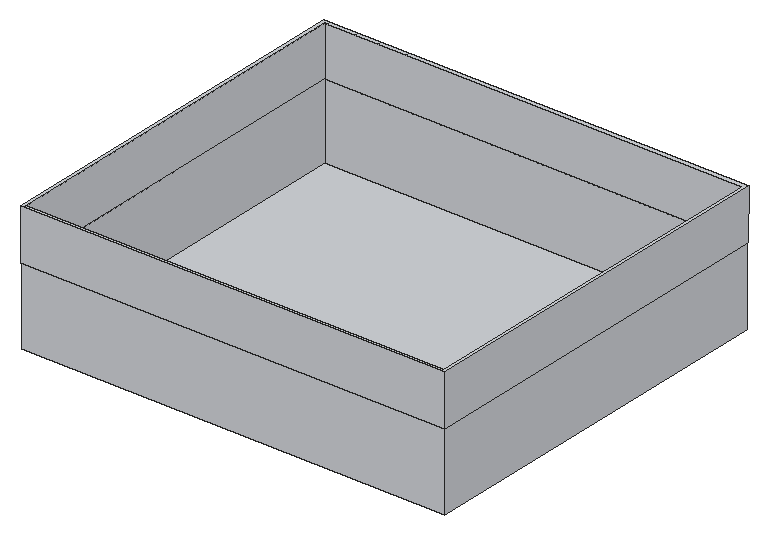
Revit family "Hager-Vega_D-IP30-vacío-ES-es", category Electrical Equipment, host Face, Revit 2020
Family settings
  Host = Face
  Panel Configuration = Two Columns, Circuits Across
  Round Connector Dimension = Use Diameter
  Part Type = Panelboard
  Cut with Voids When Loaded = No
  Shared = No
  Room Calculation Point = No
Parameters (values of type "Montado empotrado IP30 A600 A537 P182 24 unidad de división - FU22AN")
  Width Control [instance] = if([HG000006 - Empotrado], if([EF000846 - Anchura de instalación] > min_whd, [EF000846 - Anchura de instalación], min_whd), if([EF000008 - Anchura] > min_whd, ([EF000008 - Anchura]), min_whd))  # 600 mm
  Void Depth [instance] = if([HG000006 - Empotrado], Depth Control, 1 mm)  # 110 mm
  Type Comments = [HG000003 - Gama]  # "Vega D"
  System Height [instance] = Height Control - 2 * [HG000005 - Grosor]  # 531 mm
  Model = [HG000004 - Referencia del fabricante]  # "FU22AN"
  HG000017 - Distancia entre polos = 18 mm
  HG000016 - Visibilidad de la puerta 3D [instance] = yes
  HG000015 - Visibilidad a través de la puerta [instance] = no
  HG000014 - Puerta a la derecha [instance] = yes
  HG000013 - Puerta a la izquierda [instance] = not([HG000014 - Puerta a la derecha])  # no
  HG000012 - Ángulo de giro de la puerta [instance] = 45.00°
  HG000011 - Filas vacías desde abajo = no
  HG000010 - Puertas asimétricas = no
  HG000009 - Puerta batiente doble = no
  HG000008 - Número de filas vacías = 0
  HG000007 - Número de columnas vacías = 0
  HG000006 - Empotrado = yes
  HG000005 - Grosor = 3 mm  # constant formula
  HG000004 - Referencia del fabricante = "FU22AN"
  HG000003 - Gama = "Vega D"
  HG000002 - Con puerta o tapa = no
  HG000001 - Número de columnas = 0
  EF015941 - Puerta de transmisión de señal = no
  EF015777 - Borne neutro = no
  EF015776 - Borne de tierra = no
  EF009212 - Versión de la cubierta = "EV009916 - Con muesca"
  EF006306 - Con cierre = no
  EF006244 - Tapa/puerta transparente = no
  EF005474 - Grado de protección (IP) = "EV006410 - IP30"
  EF004462 - Tipo de cierre = ""
  EF002950 - Anchura de unidades de división = 24
  EF001596 - Material de la carcasa = "EV000154 - Otros"
  EF001134 - Carril DIN = yes
  EF001131 - Profundidad interna = 110 mm
  EF001088 - Posibilidad de extensión = yes
  EF001062 - Versión de EMC = no
  EF000846 - Anchura de instalación = 600 mm
  EF000339 - Tipo de cubierta = "EV000494 - Ninguno"
  EF000332 - Altura de la instalación = 537 mm
  EF000266 - Número de filas = 0
  EF000218 - Profundidad de instalación = 110 mm
  EF000118 - Con placa de montaje = no
  EF000116 - Número RAL = "9010"
  EF000049 - Profundidad = 182 mm
  EF000040 - Altura = 537 mm
  EF000008 - Anchura = 600 mm
  EF000007 - Color = "EV000202 - Blanco"
  EF000003 - Tipo de montaje = "EV000383 - Montado empotrado (escayola)"
  Arrow Offset [instance] = Depth Control / 8  # 13.75 mm
  Arrow Height [instance] = Depth Control - Arrow Offset  # 96.25 mm
  Host Offset [instance] = if([HG000006 - Empotrado], 0 mm, [EF000049 - Profundidad])  # 0 mm
  min_whd [instance] = (2 * [HG000005 - Grosor]) + 1 mm  # 7 mm
  Manufacturer = "Hager"  # constant formula
  Height Control [instance] = if([HG000006 - Empotrado], if([EF000332 - Altura de la instalación] > min_whd, [EF000332 - Altura de la instalación], min_whd), if([EF000040 - Altura] > min_whd, ([EF000040 - Altura]), min_whd))  # 537 mm
  Flush Mounted - Door Frame Width [instance] = if(([EF000040 - Altura] - [EF000332 - Altura de la instalación]) > 0 mm, if([HG000006 - Empotrado], [EF000040 - Altura] - [EF000332 - Altura de la instalación], 0 mm), 0 mm)  # 0 mm
  Depth Control [instance] = if([HG000006 - Empotrado], if([EF000218 - Profundidad de instalación] > 0 mm, [EF000218 - Profundidad de instalación], 1 mm), if([EF000049 - Profundidad] > 0 mm, ([EF000049 - Profundidad]), 1 mm))  # 110 mm
  Default Elevation = 0 mm
Reference planes
  plane 1 "Center (Front/Back)": y = 0
  plane 2: z = 0
  plane 3 "Center (Left/Right)": x = 0
  plane 4: z = 0
  plane 5: y = 3
  plane 6: z = -5
  plane 7: y = 268.5
  plane 8: y = 0
  plane 9: y = 537
  plane 10: z = -110
  plane 11: x = -300
  plane 12: x = 300
  plane 13: x = 297
  plane 14: x = -297
  plane 15: y = 534
  plane 16: z = -107
  plane 17: z = -3
  plane 18: z = -110
  plane 19: z = -3
Forms (mm)
  Extrusion 1, solid
    sketch origin (-583.045, 0, 1219.2) x (-1, 0, 0) y (0, 0, 1)
      loop
        line (-283.045, -1219.2) -> (-883.045, -1219.2) -> (-883.045, -1329.2) -> (-283.045, -1329.2) -> (-283.045, -1219.2)
    from 0 to 537 <- "Height Control"
  Extrusion 2, void
    sketch origin (-381.607, -4572, 0) x (0, -1, 0) y (-1, 0, 0)
      loop
        line (-5106, -84.607) -> (-5106, -678.607) -> (-4575, -678.607) -> (-4575, -84.607) -> (-5106, -84.607)
    from 0 to 107
  Extrusion 3, void
    sketch origin (0, 0, 0) x (1, 0, 0) y (0, 1, 0)
      loop
        line (-300, 0) -> (300, 0) -> (300, 537) -> (-300, 537) -> (-300, 0)
    from -110 to 1
  Extrusion 4, solid, detail levels coarse+medium
    sketch origin (-381.607, -4572, 0) x (-1, 0, 0) y (0, -1, 0)
      loop
        line (-84.607, -5106) -> (-84.607, -4575) -> (-678.607, -4575) -> (-678.607, -5106) -> (-84.607, -5106)
    from 0 to -3
Cuts and joins
  Extrusion 2 cuts Extrusion 1
Dimensions and locks
  plane 4 to plane 6 = 5 mm
  "Host Offset": plane 4 to host face
  "Flush Mounted - Door Frame Width": plane 1 "Center (Front/Back)" to plane 8
  "HG000005 - Grosor": plane 5 to plane 8
  locked: connector elem to plane 3 "Center (Left/Right)"
  "Height Control": plane 9 to plane 8
  equal spacing: plane 9, plane 7, plane 8
  locked: connector elem to plane 7
  "Depth Control": plane 4 to plane 10
  "HG000005 - Grosor": plane 11 to plane 14
  "HG000005 - Grosor": plane 12 to plane 13
  equal spacing: plane 11, plane 3 "Center (Left/Right)", plane 12
  "Width Control": plane 11 to plane 12
  "Arrow Offset": nested 4 to plane 10
  "HG000005 - Grosor": plane 9 to plane 15
  "HG000005 - Grosor": plane 16 to plane 10
  "HG000005 - Grosor": plane 4 to plane 17
  "Void Depth": plane 2 to plane 18
  "HG000005 - Grosor": plane 4 to plane 19
  aligned and locked: plane 2 to host face
  aligned and locked: level to host face
  aligned and locked: plane 3 "Center (Left/Right)" to nested 2
  aligned and locked: nested 2 to plane 4
  aligned and locked: nested 2 to plane 8
  aligned and locked: nested 1 to plane 6
  aligned and locked: nested 1 to plane 5
  aligned and locked: nested 4 to plane 11
  aligned and locked: nested 3 to plane 4
  aligned and locked: Extrusion 1 sketch curve to plane 12
  aligned and locked: Extrusion 1 sketch curve to plane 11
  aligned and locked: nested 3 to plane 10
  aligned and locked: plane 10 to Extrusion 1 sketch curve
  aligned and locked: Extrusion 2 sketch curve to plane 5
  aligned and locked: Extrusion 2 sketch curve to plane 15
  aligned and locked: Extrusion 2 sketch curve to plane 14
  aligned and locked: Extrusion 2 sketch curve to plane 13
  aligned and locked: plane 11 to Extrusion 3 sketch curve
  aligned and locked: plane 9 to Extrusion 3 sketch curve
  aligned and locked: Extrusion 3 sketch curve to plane 8
  aligned and locked: plane 12 to Extrusion 3 sketch curve
  aligned and locked: nested 3 to plane 12
  aligned and locked: Extrusion 3 to plane 18
  aligned and locked: Extrusion 2 to plane 16
  aligned and locked: Extrusion 1 sketch curve to plane 4
  aligned and locked: Extrusion 4 to plane 17
  aligned and locked: Extrusion 4 sketch curve to plane 15
  aligned and locked: Extrusion 4 sketch curve to plane 13
  aligned and locked: Extrusion 4 sketch curve to plane 14
  aligned and locked: Extrusion 4 sketch curve to plane 5
Automatic sketch dimensions
  host sketch curve to host sketch curve = 1469.727 mm
  host sketch curve to host sketch curve = 1434.803 mm
Nested families
  nested 1: "Hager_Enclosure_System" at (0, 3, -5) x (1, 0, 0) z (0, 1, 0), Depth <- "HG000005 - Grosor", Height <- "System Height", Width <- "EF000008 - Anchura", Border <- "HG000005 - Grosor", Flush_Mounted <- "HG000006 - Empotrado", Built-in_Width <- "EF000846 - Anchura de instalación", Row_Module_Multiplicator <- "EF002950 - Anchura de unidades de división", Total_No_Empty_Rows <- "HG000008 - Número de filas vacías", Total_No_Rows <- "EF000266 - Número de filas", Empty_Columns <- "HG000007 - Número de columnas vacías", Width_Control <- "Width Control", Empty_Rows_From_Bottom <- "HG000011 - Filas vacías desde abajo", Distance_Between_Poles <- "HG000017 - Distancia entre polos", Rows_Count <- "EF000266 - Número de filas", Columns_Count <- "HG000001 - Número de columnas", type "Hager_Enclosure_System", detail levels fine
    with Width_Control 600 mm, Width 600 mm, Total_No_Rows 0, Total_No_Empty_Rows 0, Total_No_Columns 1, System_Width 594 mm, Rows_Count 0, Rows_Column 0, Row_Module_Multiplicator 24, Panel_4 no, Panel_3 no, Panel_2 no, Panel_1 no, No_Panels_Ctrl 1, Hide_Columns yes, Height 531 mm, Flush_Mounted yes, Empty_Rows_From_Bottom no, Empty_Rows_Column 0, Empty_Columns 0, Distance_Between_Poles 18 mm, Depth 3 mm, Columns_Count 0, Column_Width 594 mm, Built-in_Width 600 mm, Border 3 mm
  nested 2: "Hager_Enclosure_Door" at (0, 0, 0) x (1, 0, 0) z (0, 1, 0), Border <- "HG000005 - Grosor", Door_Right <- "HG000014 - Puerta a la derecha", Flush_Mounted <- "HG000006 - Empotrado", Depth <- "EF000049 - Profundidad", Width <- "EF000008 - Anchura", Door_Left <- "HG000013 - Puerta a la izquierda", 3d_Door <- "HG000016 - Visibilidad de la puerta 3D", BuiltIn_Width <- "EF000846 - Anchura de instalación", BuiltIn_Height <- "EF000332 - Altura de la instalación", BuiltIn_Depth <- "EF000218 - Profundidad de instalación", Angle <- "HG000012 - Ángulo de giro de la puerta", Assymetrical <- "HG000010 - Puertas asimétricas", Double <- "HG000009 - Puerta batiente doble", Clearance <- "HG000015 - Visibilidad a través de la puerta", Transparent <- "EF006244 - Tapa/puerta transparente", Door <- "HG000002 - Con puerta o tapa", Height_Ctrl <- "Height Control", Width_Ctrl <- "Width Control", Height <- "EF000040 - Altura", type "Hager_Enclosure_Door", detail levels medium+fine
    with min_wh 7 mm, Width_Ctrl 600 mm, Width 600 mm, Transparent_Door_No_Bottom_Border no, Transparent no, Leaf_Width 591 mm, Leaf_Tolerance 1.5 mm, Leaf_Height 528 mm, Leaf_2_Width 591 mm, Leaf_2_Offset 295.5 mm, Leaf_1_Width 591 mm, Leaf_1_Offset 295.5 mm, Height_Ctrl 537 mm, Height 537 mm, Frame_Width_Ctrl 1 mm, Frame_Width 0 mm, Frame_Internal_Offset 3 mm, Frame_Height_Ctrl 1 mm, Frame_Height 0 mm, Frame_Depth_Ctrl 72 mm, Frame_Depth 72 mm, Flush_Mounted yes, Double_Clearance_Ctrl no, Double no, Door_Right_Ctrl no, Door_Right yes, Door_Left_Ctrl no, Door_Left no, Door no, Depth 182 mm, Clearance_Depth 591 mm, Clearance_Ctrl no, Clearance no, BuiltIn_Width 600 mm, BuiltIn_Height 537 mm, BuiltIn_Depth 110 mm, Border 3 mm, Assymetrical no, Angle 45.00°, 3d_Door yes
  nested 3: "Hager_Enclosure_Symbol_Triangle" at (-300, 0, -110) x (1, 0, 0) z (0, -1, 0), Depth <- "Depth Control", Width <- "Width Control", type "Hager_Enclosure_Symbol_Triangle"
    with Width_Ctrl 600 mm, Width 600 mm, Depth_Ctrl 110 mm, Depth 110 mm
  nested 4: "Hager_Enclosure_Symbol_Arrow" at (-300, 0, -96.25) x (1, 0, 0) z (0, -1, 0), Height <- "Arrow Height", type "Hager_Enclosure_Symbol_Arrow"
    with Width_Inside 7.219 mm, Width 86.625 mm, Height_Ctrl 96.25 mm, Height 96.25 mm
Connectors
  electrical at (0, 268.5, -110)
    settings: on plane 10, index 1, voltage 0 V, apparent load 0 VA, apparent load phase1 0 VA, apparent load phase2 0 VA, apparent load phase3 0 VA, power factor 1, load classification "Other", number of poles 1, system type 30, power factor state 1, is connector primary yes, connector utility no, sub classification motor no, connector description ""
Definition of nested family "Hager_Enclosure_Door"
  Parameters (values of type "Hager_Enclosure_Door")
    min_wh [instance] = (2 * Border) + 1 mm  # 11 mm
    Width_Ctrl [instance] = 400 mm
    Width [instance] = 500 mm
    Transparent_Door_No_Bottom_Border [instance] = no
    Transparent [instance] = yes
    Leaf_Width [instance] = if((Width_Ctrl - 2 * Border - 2 * Leaf_Tolerance) > 0 mm, (Width_Ctrl - 2 * Border - 2 * Leaf_Tolerance), min_wh)  # 387 mm
    Leaf_Tolerance [instance] = 1.5 mm  # constant formula
    Leaf_Height [instance] = if((Height_Ctrl - 2 * Border - 2 * Leaf_Tolerance) > 0 mm, (Height_Ctrl - 2 * Border - 2 * Leaf_Tolerance), min_wh)  # 387 mm
    Leaf_2_Width [instance] = if(and(and(Double, Assymetrical), Door_Left), (Leaf_Width / 3) - (Leaf_Tolerance / 2), if(and(and(Double, Assymetrical), Door_Right), (Leaf_Width / 3) * 2 - (Leaf_Tolerance / 2), if(and(Double, not(Assymetrical)), (Leaf_Width / 2) - Leaf_Tolerance, Leaf_Width)))  # 387 mm
    Leaf_2_Offset [instance] = if(and(Double, Assymetrical), Leaf_2_Width / 2, if(and(Double, not(Assymetrical)), Leaf_Width / 4, Leaf_Width / 2))  # 193.5 mm
    Leaf_1_Width [instance] = if(and(and(Double, Assymetrical), Door_Right), (Leaf_Width / 3) - (Leaf_Tolerance / 2), if(and(and(Double, Assymetrical), Door_Left), (Width / 3) * 2 - (Leaf_Tolerance / 2), if(and(Double, not(Assymetrical)), (Leaf_Width / 2) - Leaf_Tolerance, Leaf_Width)))  # 387 mm
    Leaf_1_Offset [instance] = if(and(Double, Assymetrical), Leaf_1_Width / 2, if(and(Double, not(Assymetrical)), Leaf_Width / 4, Leaf_Width / 2))  # 193.5 mm
    Height_Ctrl [instance] = 400 mm
    Height [instance] = 500 mm
    Frame_Width_Ctrl [instance] = if(Frame_Width > 0 mm, Frame_Width, 1 mm)  # 1 mm
    Frame_Width [instance] = Width - BuiltIn_Width  # 0 mm
    Frame_Internal_Offset [instance] = if(Flush_Mounted, Border, 0 mm)  # 5 mm
    Frame_Height_Ctrl [instance] = if(Frame_Height > 0 mm, Frame_Height, 1 mm)  # 1 mm
    Frame_Height [instance] = Height - BuiltIn_Height  # 0 mm
    Frame_Depth_Ctrl [instance] = if(Frame_Depth > 0 mm, Frame_Depth, 1 mm)  # 1 mm
    Frame_Depth [instance] = if(Depth - BuiltIn_Depth > 0 mm, if(Flush_Mounted, Depth - BuiltIn_Depth, 0 mm), 0 mm)  # 0 mm
    Flush_Mounted [instance] = yes
    Double_Clearance_Ctrl [instance] = and(Double, Clearance)  # no
    Double [instance] = no
    Door_Right_Ctrl [instance] = and(or(Door_Right, Double), Door)  # yes
    Door_Right [instance] = yes
    Door_Left_Ctrl [instance] = and(or(Door_Left, Double), Door)  # no
    Door_Left [instance] = no
    Door [instance] = yes
    Depth [instance] = 500 mm
    Default Elevation = 1219.2 mm
    Clearance_Material = none
    Clearance_Depth [instance] = if(Leaf_1_Width > Leaf_2_Width, Leaf_1_Width, Leaf_2_Width)  # 387 mm
    Clearance_Ctrl [instance] = and(not(Double), Clearance)  # yes
    Clearance [instance] = yes
    BuiltIn_Width [instance] = 500 mm
    BuiltIn_Height [instance] = 500 mm
    BuiltIn_Depth [instance] = 500 mm
    Border [instance] = 5 mm
    Assymetrical [instance] = yes
    Angle [instance] = 30.00°
    3d_Door [instance] = yes
  Reference planes
    plane 1 "Center (Front/Back)": y = 0
    plane 2 "Bottom": z = 0
    plane 3 "Center (Left/Right)": x = 0
    plane 4: z = 400
    plane 5: x = -200
    plane 6: x = 200
    plane 7: z = 395
    plane 8: x = -195
    plane 9: z = 5
    plane 10: x = 195
    plane 11: y = 0
    plane 12: z = 6.5
    plane 13: x = -582
    plane 14: y = -387
    plane 15: x = 582
    plane 16: x = 0
    plane 17: x = 0
    plane 18: x = -193.5
    plane 19: x = 193.5
    plane 20: z = 393.5
  Forms (mm)
    Extrusion 1, solid, visible <- "Flush_Mounted"
      sketch origin (0, 0, 0) x (1, 0, 0) y (0, 0, 1)
        loop
          line (195, 5) -> (195, 395) -> (-195, 395) -> (-195, 5) -> (195, 5)
        loop
          line (-201, 401) -> (-201, -1) -> (201, -1) -> (201, 401) -> (-201, 401)
      from 0 to 1 <- "Frame_Depth_Ctrl"
    Extrusion 2, solid, material <- "Clearance_Material", visible <- "Double_Clearance_Ctrl"
      sketch origin (1200, 0, 0) x (1, 0, 0) y (0, 0, -1)
        loop
          line (-1782, -393.5) -> (-618, -393.5) -> (-618, 0) -> (-1782, 0) -> (-1782, -393.5)
      from 0 to -387
  Dimensions and locks
    equal spacing: plane 5, plane 3 "Center (Left/Right)", plane 6
    "Width_Ctrl": plane 5 to plane 6
    "Border": plane 5 to plane 8
    "Border": plane 6 to plane 10
    "Border": plane 9 to level
    "Border": plane 4 to plane 7
    "Height_Ctrl": plane 4 to level
    "Leaf_Tolerance": plane 12 to plane 9
    "Frame_Depth": plane 11 to plane 1 "Center (Front/Back)"
    "Frame_Width_Ctrl": plane 5 to Extrusion 1 sketch curve
    "Frame_Width_Ctrl": plane 6 to Extrusion 1 sketch curve
    "Frame_Width_Ctrl": Extrusion 1 sketch curve to plane 4
    "Frame_Width_Ctrl": plane 2 "Bottom" to Extrusion 1 sketch curve
    "Leaf_1_Offset": plane 18 to plane 16
    "Leaf_2_Offset": plane 17 to plane 19
    "Leaf_1_Width": plane 13 to plane 8
    "Leaf_2_Width": plane 10 to plane 15
    "Clearance_Depth": plane 14 to plane 1 "Center (Front/Back)"
    "Leaf_Tolerance": plane 8 to plane 18
    "Leaf_Tolerance": plane 19 to plane 10
    "Leaf_Tolerance": plane 7 to plane 20
    "Frame_Internal_Offset": plane 5 to Extrusion 1 sketch curve
    "Frame_Internal_Offset": Extrusion 1 sketch curve to plane 2 "Bottom"
    "Frame_Internal_Offset": plane 6 to Extrusion 1 sketch curve
    "Frame_Internal_Offset": plane 4 to Extrusion 1 sketch curve
    aligned and locked: level to plane 2 "Bottom"
    aligned and locked: nested 1 to plane 16
    aligned and locked: nested 2 to plane 17
    aligned and locked: Extrusion 2 to plane 13
    aligned and locked: plane 15 to Extrusion 2
    aligned and locked: Extrusion 2 to plane 14
    aligned and locked: plane 12 to nested 1
    aligned and locked: nested 2 to plane 12
    aligned and locked: Extrusion 2 to plane 11
    aligned and locked: plane 20 to Extrusion 2
    aligned and locked: nested 2 to plane 11
    aligned and locked: nested 1 to plane 11
  Automatic sketch dimensions
    Extrusion 2 sketch curve to level = 0 mm
    plane 5 to Extrusion 2 sketch curve = 382 mm
    plane 6 to Extrusion 2 sketch curve = 382 mm
    Extrusion 2 sketch curve to plane 4 = 6.5 mm
  Nested families
    nested 1: "Hager_Enclosure_Door_Leaf" at (0, 0, 6.5), Width <- "Leaf_1_Width", visible <- "Door_Left_Ctrl", Leaf_Height <- "Leaf_Height", Angle <- "Angle", Depth <- "Border", 3d_Door <- "3d_Door", Transparent <- "Transparent", Clearance Material <- "Clearance_Material", Clearance <- "Clearance_Ctrl", Transparent_Door_No_Bottom_Border <- "Transparent_Door_No_Bottom_Border", type "Hager_Enclosure_Door_Leaf"
      with Width 387 mm, Transparent_Door_No_Bottom_Border no, Transparent_Door_Border_Bottom_Top 25 mm, Transparent_Door_Border 25 mm, Transparent_Ctrl yes, Transparent yes, Standard no, Leaf_Height 387 mm, Glass_Offset 1 mm, Depth 5 mm, Clearance Material none, Clearance yes, Angle_Ctrl 30.00°, Angle 30.00°, 3d_Door yes
    nested 2: "Hager_Enclosure_Door_Leaf" at (0, 0, 6.5) x (-1, 0, 0) z (0, 0, 1), Width <- "Leaf_2_Width", visible <- "Door_Right_Ctrl", Leaf_Height <- "Leaf_Height", Angle <- "Angle", Depth <- "Border", 3d_Door <- "3d_Door", Transparent <- "Transparent", Clearance Material <- "Clearance_Material", Clearance <- "Clearance_Ctrl", Transparent_Door_No_Bottom_Border <- "Transparent_Door_No_Bottom_Border", type "Hager_Enclosure_Door_Leaf"
      with Width 387 mm, Transparent_Door_No_Bottom_Border no, Transparent_Door_Border_Bottom_Top 25 mm, Transparent_Door_Border 25 mm, Transparent_Ctrl yes, Transparent yes, Standard no, Leaf_Height 387 mm, Glass_Offset 1 mm, Depth 5 mm, Clearance Material none, Clearance yes, Angle_Ctrl 30.00°, Angle 30.00°, 3d_Door yes
  Definition of nested family "Hager_Enclosure_Door_Leaf"
    Parameters (values of type "Hager_Enclosure_Door_Leaf")
      Width [instance] = 2000 mm
      Transparent_Door_No_Bottom_Border [instance] = yes
      Transparent_Door_Border_Bottom_Top [instance] = if(Transparent_Door_No_Bottom_Border, 0.1 mm, Transparent_Door_Border)  # 0.1 mm
      Transparent_Door_Border [instance] = if(Transparent_Door_No_Bottom_Border, (Width * 0.12), 25 mm)  # 240 mm
      Transparent_Ctrl [instance] = and(Transparent, [3d_Door])  # yes
      Transparent [instance] = yes
      Standard [instance] = and(not(Transparent), [3d_Door])  # no
      Leaf_Height [instance] = 2720.336 mm
      Glass_Offset [instance] = if((Depth - 10 mm) / 2 > 0 mm, (Depth - 10 mm) / 2, 1 mm)  # 15 mm
      Glass_Material = none
      Depth [instance] = 40 mm
      Default Elevation = 0 mm
      Clearance Material [instance] = none
      Clearance [instance] = yes
      Angle_Ctrl [instance] = if(Angle > 170.00°, 170.00°, Angle)  # 45.00°
      Angle [instance] = 45.00°
      3d_Door [instance] = yes
    Reference planes
      plane 1 "Center (Front/Back)": y = 0
      plane 2: z = 0
      plane 3 "Center (Left/Right)": x = 0
      plane 4: y = 2000
      plane 5: x = -1000
      plane 6: x = 1000
      plane 7: x = -3000
      plane 8: z = 2720.336
      plane 9: z = 0.1
      plane 10: z = 2720.236
      plane 11: x = 760
      plane 12: x = -760
    Forms (mm)
      Extrusion 1, solid, material <- "Clearance Material", visible <- "Clearance"
        sketch origin (0, 0, 0) x (1, 0, 0) y (0, 0, 1)
          loop
            line (-3000, 2720.336) -> (-3000, 0) -> (1000, 0) -> (1000, 2720.336) -> (-3000, 2720.336)
        from 0 to -2000
      Extrusion 2, solid, visible <- "Standard", detail levels medium+fine
        sketch origin (-1000, 0, 0) x (0.707107, 0.707107, 0) y (-0.707107, 0.707107, 0)
          loop
            line (0, -40) -> (2000, -40) -> (2000, 0) -> (0, 0) -> (0, -40)
        from 0 to 2720.336 <- "Leaf_Height"
      Extrusion 3, solid, visible <- "Transparent_Ctrl", detail levels medium+fine
        sketch origin (-1000, 0, 0) x (0.707107, 0.707107, 0) y (-0.707107, 0.707107, 0)
          loop
            line (0, -40) -> (2000, -40) -> (2000, 0) -> (0, 0) -> (0, -40)
        from 0 to 2720.336 <- "Leaf_Height"
      Extrusion 4, void, detail levels medium+fine
        sketch origin (-1000, 0, 0) x (-0.707107, 0.707107, 0) y (0.707107, 0.707107, 0)
          loop
            line (0, 240) -> (0, 1760) -> (-40, 1760) -> (-40, 240) -> (0, 240)
        from -2720.236 to -0.1
      Extrusion 5, solid, material <- "Glass_Material", visible <- "Transparent_Ctrl", detail levels medium+fine
        sketch origin (-1000, 0, 0) x (0.707107, 0.707107, 0) y (-0.707107, 0.707107, 0)
          loop
            line (240, -15) -> (240, -25) -> (1760, -25) -> (1760, -15) -> (240, -15)
        from 0.1 to 2720.236
    Cuts and joins
      Extrusion 4 cuts Extrusion 3
    Lines and regions (mm)
      symbolic lines
        curve 1: line (1000, 0, 0) -> (-3000, 0, 0)
        curve 2: arc (1000, 0, 0) -> (-1000, 2000, 0) -> (-3000, 0, 0) r 2000
        curve 4: line (-1000, 0, 0) -> (414.214, 1414.214, 0)
      reference lines
        curve 3: line (-1000, 0, 0) -> (414.214, 1414.214, 0)
      symbolic lines, detail levels medium+fine
        curve 5: line (414.214, 1414.214, 0) -> (442.498, 1385.929, 0)
        curve 6: line (442.498, 1385.929, 0) -> (-971.716, -28.284, 0)
        curve 7: line (-971.716, -28.284, 0) -> (-1000, 0, 0)
        curve 8: line (-1000, 0, 2720.336) -> (1000, 0, 2720.336)
        curve 9: line (-1000, 0, 0) -> (-1000, 0, 2720.336)
        curve 10: line (1000, 0, 0) -> (-1000, 0, 0)
        curve 11: line (1000, 0, 2720.336) -> (1000, 0, 0)
      symbolic lines, visible <- "Transparent_Ctrl", detail levels medium+fine
        curve 12: line (-760, 0, 2720.236) -> (760, 0, 2720.236)
        curve 13: line (-760, 0, 0.1) -> (-760, 0, 2720.236)
        curve 14: line (760, 0, 0.1) -> (-760, 0, 0.1)
        curve 15: line (760, 0, 2720.236) -> (760, 0, 0.1)
    Dimensions and locks
      "Width": plane 1 "Center (Front/Back)" to plane 4
      equal spacing: plane 5, plane 3 "Center (Left/Right)", plane 6
      "Width": plane 5 to plane 6
      "Width": plane 7 to plane 5
      "Leaf_Height": plane 8 to level
      "Depth": curve 6 to curve 3
      "Width": curve 5 to curve 3
      "Width": curve 3 to curve 3
      "Transparent_Door_Border": Extrusion 4 sketch curve to curve 7
      "Transparent_Door_Border": Extrusion 4 sketch curve to curve 5
      "Transparent_Door_Border_Bottom_Top": plane 8 to plane 10
      "Transparent_Door_Border_Bottom_Top": plane 9 to level
      "Glass_Offset": Extrusion 5 sketch curve to curve 4
      "Glass_Offset": Extrusion 5 sketch curve to curve 6
      "Transparent_Door_Border": Extrusion 5 sketch curve to curve 5
      "Transparent_Door_Border": Extrusion 5 sketch curve to curve 7
      "Transparent_Door_Border": plane 12 to plane 5
      "Transparent_Door_Border": plane 6 to plane 11
      "Angle_Ctrl": angle plane 1 "Center (Front/Back)" to curve 3
      aligned and locked: level to plane 2
      aligned and locked: Extrusion 1 to curve 1
      aligned and locked: plane 6 to Extrusion 1
      aligned and locked: Extrusion 1 to plane 1 "Center (Front/Back)"
      aligned and locked: plane 4 to Extrusion 1
      aligned and locked: plane 8 to Extrusion 1
      aligned and locked: curve 4 to curve 3
      aligned and locked: Extrusion 2 sketch curve to curve 7
      aligned and locked: Extrusion 2 sketch curve to curve 6
      aligned and locked: Extrusion 2 sketch curve to curve 5
      aligned and locked: Extrusion 2 sketch curve to curve 3
      aligned and locked: curve 7 to Extrusion 3 sketch curve
      aligned and locked: Extrusion 3 sketch curve to curve 4
      aligned and locked: Extrusion 3 sketch curve to curve 6
      aligned and locked: Extrusion 3 sketch curve to curve 5
      aligned and locked: curve 4 to Extrusion 4 sketch curve
      aligned and locked: curve 6 to Extrusion 4 sketch curve
      aligned and locked: Extrusion 4 to plane 9
      aligned and locked: Extrusion 4 to plane 10
      aligned and locked: Extrusion 5 to plane 9
      aligned and locked: Extrusion 5 to plane 10
      aligned and locked: curve 8 to plane 8
      aligned and locked: plane 5 to curve 9
      aligned and locked: plane 2 to curve 10
      aligned and locked: curve 11 to plane 6
      aligned and locked: plane 10 to curve 12
      aligned and locked: plane 12 to curve 13
      aligned and locked: curve 14 to plane 9
      aligned and locked: plane 11 to curve 15
    Automatic sketch dimensions
      plane 1 "Center (Front/Back)" to curve 2 = 0 mm
      curve 2 to plane 5 = 0 mm
      Extrusion 1 sketch curve to level = 0 mm
      Extrusion 1 sketch curve to plane 7 = 0 mm
      Extrusion 1 sketch curve to plane 6 = 0 mm
      Extrusion 1 sketch curve to plane 8 = 0 mm
      plane 1 "Center (Front/Back)" to curve 3 = 0 mm
      curve 3 to plane 5 = 0 mm
      curve 7 to curve 3 = 0 mm
Definition of nested family "Hager_Enclosure_Symbol_Triangle"
  Parameters (values of type "Hager_Enclosure_Symbol_Triangle")
    Width_Ctrl [instance] = if(Width > 1 mm, Width, 1 mm)  # 498 mm
    Width [instance] = 498 mm
    Depth_Ctrl [instance] = if(Depth > 1 mm, Depth, 1 mm)  # 72 mm
    Depth [instance] = 72 mm
  Reference planes
    plane 1 "Centre (avant/arrière)": y = 0
    plane 2: z = 0
    plane 3 "Centre (gauche/droite)": x = 0
  Lines and regions (mm)
    Filled region 1, type "Solid_Black", in view "Niveau de réf."
      outline origin (0, 0, 0) x (1, 0, 0) y (0, 1, 0)
        loop
          line (0, 0) -> (498, 0) -> (498, 72) -> (0, 0)
    reference lines, in view "Niveau de réf."
      curve 1: line (-206.153, 72, 0) -> (1083.258, 72, 0)
      curve 2: line (498, 405.456, 0) -> (498, -517.619, 0)
  Dimensions and locks
    "Depth_Ctrl": plane 1 "Centre (avant/arrière)" to curve 1
    "Width_Ctrl": plane 3 "Centre (gauche/droite)" to curve 2
    aligned and locked: curve 1 to Filled region 1 sketch curve
    aligned and locked: Filled region 1 sketch curve to plane 1 "Centre (avant/arrière)"
    aligned and locked: curve 2 to Filled region 1 sketch curve
    aligned and locked: plane 3 "Centre (gauche/droite)" to Filled region 1 sketch curve
    aligned and locked: plane 1 "Centre (avant/arrière)" to Filled region 1 sketch curve
  Automatic sketch dimensions
    curve 1 to plane 3 "Centre (gauche/droite)" = 206.153 mm
    curve 2 to curve 1 = 585.258 mm
    plane 1 "Centre (avant/arrière)" to curve 2 = 517.619 mm
    curve 2 to plane 1 "Centre (avant/arrière)" = 405.456 mm
Definition of nested family "Hager_Enclosure_Symbol_Arrow"
  Parameters (values of type "Hager_Enclosure_Symbol_Arrow")
    Width_Inside [instance] = if(Width / 12 > 2 mm, Width / 12, 2 mm)  # 4.987 mm
    Width [instance] = if(Height_Ctrl * 0.9 > 2 mm, Height_Ctrl * 0.9, 2 mm)  # 59.85 mm
    Height_Ctrl [instance] = if(Height > 2 mm, Height, 2 mm)  # 66.5 mm
    Height [instance] = 66.5 mm
  Reference planes
    plane 1 "Centre (avant/arrière)": y = 0
    plane 2: z = 0
    plane 3 "Centre (gauche/droite)": x = 0
    plane 4: x = 59.85
    plane 5: y = 28.263
    plane 6: y = 38.238
    plane 7: y = 66.5
    plane 8: x = 29.925
    plane 9: y = 33.25
  Lines and regions (mm)
    Filled region 1, type "Solid_Black", in view "Niveau de réf."
      outline origin (0, 0, 0) x (1, 0, 0) y (0, 1, 0)
        loop
          line (59.85, 66.5) -> (37.929, 52.827) -> (51.846, 41.935) -> (59.85, 66.5)
    detail lines, in view "Niveau de réf."
      curve 1: line (0, 0, 0) -> (29.925, 38.238, 0)
      curve 2: line (29.925, 38.238, 0) -> (29.925, 28.263, 0)
      curve 3: line (29.925, 28.263, 0) -> (59.85, 66.5, 0)
  Dimensions and locks
    "Width": plane 3 "Centre (gauche/droite)" to plane 4
    "Height_Ctrl": plane 7 to plane 1 "Centre (avant/arrière)"
    equal spacing: plane 3 "Centre (gauche/droite)", plane 8, plane 4
    equal spacing: plane 7, plane 9, plane 1 "Centre (avant/arrière)"
    equal spacing: plane 6, plane 9, plane 5
    "Width_Inside": plane 6 to plane 9
    equal spacing: curve 3, Filled region 1 sketch curve, Filled region 1 sketch curve
    angle Filled region 1 sketch curve to curve 3 = 20.00°
    angle curve 3 to Filled region 1 sketch curve = 20.00°
    locked: curve 3 to Filled region 1 sketch curve (angle 90.00°)
  Automatic sketch dimensions
    plane 1 "Centre (avant/arrière)" to curve 1 = 0 mm
    curve 1 to plane 3 "Centre (gauche/droite)" = 0 mm
    curve 2 to plane 6 = 0 mm
    curve 3 to plane 8 = 0 mm
    curve 3 to plane 4 = 0 mm
    curve 2 to plane 5 = 0 mm
    curve 3 to plane 7 = 0 mm
    Filled region 1 sketch curve to plane 4 = 0 mm
    Filled region 1 sketch curve to plane 7 = 0 mm
